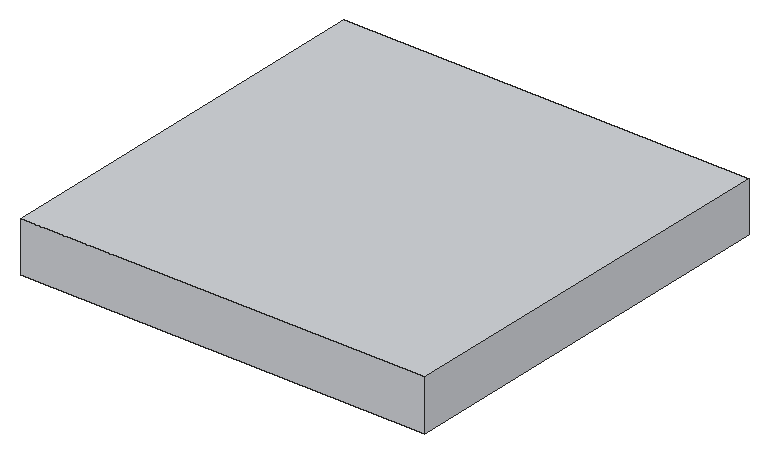
Revit family "00-5678-05-DC", category Luminarias, Revit 2017
Family settings
  Anfitrión = Cara
  Cota de conector redondo = Diámetro de uso
  Tipo de pieza = Normal
  Número OmniClass = 23.80.70.00
  Título OmniClass = Lighting
  Corte con vacíos al cargar = No
  Origen de luz = No
  Compartido = Sí
  Punto de cálculo de habitación = No
Parameters (values of type "00-5678-05-DC")
  Versión = "v1"
  Vatios (W) = 20
  Tipo de regulación = ""
  Tipo = "Colgante"
  Tender text (English) = "LEDS C4\nEclipse Conic\n00-5678-05-DCV1\n\nPendant for indoor use. \n\nFor downlighting. Structure material: Steel, cement. Structure finish: Black, Cement. Warranty: 5 Years.\n\nProduct net weight (Kg): 1.200\nProduct length (mm): Ø100\nProduct height (mm): Max 1825\n\nClass 2. IP: IP20. E27. Maximum length of luminaire bulb: 140. Maximum diameter of luminaire bulb: 60. No. of lampholders or LEDs: 1. Maximum power of light source: 20W. Gear included: No. Total power: 20."
  Tender text (Castellano) = "LEDS C4\nEclipse Conic\n00-5678-05-DCV1\n\nColgante de uso interior para iluminar hacia abajo. \nMaterial estructura: Acero, Cemento. Acabado estructura: Negro, Cemento. Garantía: 5 Años.\n\nPeso neto del producto (Kg): 1.200\nLongitud del producto (mm): Ø100\nAltura del producto (mm): Max 1825\n\nClase 2. IP: IP20. E27. Longitud máxima de la bombilla que admite la luminaria: 140. Diámetro máximo de la bombilla que admite la luminaria: 60. Nº de portalámparas o Leds: 1. Potencia máxima de la fuente de luz: 20W. Equipo incluido: No. Potencia total: 20."
  Temperatura color led (K) = ""
  Referencia = "00-5678-05-DC"
  Rayo de luz = ""
  Producto descatalogado = "Catalogado ES"
  Pluma comercial = "http://files.leds-c4.com/pl/00-5678-05-DCV1.html"
  Peso neto (KG) = 1.2
  Material = "Acero, Cemento"
  Lumenes reales (lm) = 0
  LDT = "http://files.leds-c4.com/ldt/00-5678-05-DCV1.html"
  Imagen web = "http://files.leds-c4.com/main-photo/00-5678-05-DCV1"
  IfcExportType = "NOTDEFINED"
  IfcExportAs = "IfcLightFixture\r\nIfcLightFixture"
  IP = "IP20"
  IMC = "http://files.leds-c4.com/imc/00-5678-05-DCV1.html"
  IK = ""
  Fuente de luz = ""
  Fotometría = "http://files.leds-c4.com/fm/00-5678-05-DCV1.html"
  Ficha = "http://files.leds-c4.com/ft/es/00-5678-05-DCV1.html"
  FechaVersion = "Julio 2020"
  Familia = "Eclipse Conic"
  Fabricante = "LEDS C4"
  Etiqueta V/f = "220-240V/50-60Hz"
  Elevación por defecto = 1000 mm
  Eficiencia energética = "NO BULB"
  EAN13 = "8435381456146"
  DescripcionUniformat2010 = "Lighting"
  DescripcionUniclass2015 = "Lighting"
  DescripcionOmniclass = "Lighting"
  DescripcionGubimclass = "Iluminación interior"
  CodigoUniformat2010 = "D5040"
  CodigoUniclass2015 = "EF_70_80"
  CodigoOmniclass = "21-04 50 40"
  CodigoGubimclass = "50.60.50.20"
  Catálogo = "Decorative"
  Carga aparente = 0 VA
  CRI = 0
  Acabado = "Negro, Cemento"
Values of the unnamed type that differ from the named types
  Vatios (W) = 0
  Tipo = ""
  Tender text (English) = ""
  Tender text (Castellano) = ""
  Referencia = ""
  Producto descatalogado = ""
  Pluma comercial = ""
  Peso neto (KG) = 0
  Material = ""
  LDT = ""
  Imagen web = ""
  IP = ""
  IMC = ""
  Fotometría = ""
  Ficha = ""
  Familia = ""
  Etiqueta V/f = ""
  Eficiencia energética = ""
  EAN13 = ""
  Catálogo = ""
  Acabado = ""
Reference planes
  plane 1 "Centro (Frontal/Posterior)": y = 0
  plane 2: z = 0
  plane 3 "Centro (Izquierda/Derecha)": x = 0
  plane 4 "Elevación de origen de luz": z = 0
  plane 5 "Eje de origen de luz (F/P)": y = 0
  plane 6 "Eje de origen de luz (I/D)": x = 0
Forms (mm)
  Extrusion 1, solid
    sketch origin (0, 0, 0) x (1, 0, 0) y (0, 1, 0)
      loop
        line (-1219.2, 1219.2) -> (-1219.2, -1219.2) -> (1219.2, -1219.2) -> (1219.2, 1219.2) -> (-1219.2, 1219.2)
    from 0 to -304.8
Dimensions and locks
  aligned and locked: plane 2 to Extrusion 1
  aligned and locked: level to Extrusion 1
Nested families
  nested 1: "Luz anidada" at (-0.003, 0.008, 537.392), type "Tipo1"
Connectors
  electrical at (0, 0, 0)
    settings: on Extrusion 1, index 1, voltage 0 V, apparent load 0 VA, apparent load phase1 0 VA, apparent load phase2 0 VA, apparent load phase3 0 VA, power factor 1, load classification "Otro", number of poles 1, system type 31, power factor state 1, is connector primary yes, connector utility no, sub classification motor no, connector description ""
Definition of nested family "Luz anidada"
  Parameters (values of type "Tipo1")
    Tilt Angle = 90.00°
    Wattage = 20 W
    Tipo de regulación = ""
    Tipo = ""
    Tender text = ""
    built-in parameter 1150110 = 1 (stored number, unit not read)
    Pluma comercial = ""
    Material = ""
    Imagen = ""
    IP = ""
    IMC = ""
    IK = ""
    Fotometría = ""
    Ficha = ""
    Familia = ""
    Estado en catálogo = ""
    Peso neto = ""
    built-in parameter 1150142 = "IESNA:LM-63-1995\r\n[TEST] CL116A17F026G\r\n[DATE] 2 Feb 2017\r\n[MANUFAC] LED´S C4\r\n[LUMCAT] 00-5678-05-DC\r\n[LUMINAIRE] Colgante ECLIPSE 20W CFL E27\r\n[FLASHAREA] 0.001278\r\n[LAMPCAT] 00-5678-05-DC\r\n[LAMP] Colgante ECLIPSE 20W CFL E27\r\n[OTHER] Absolute Photometry\r\nTILT=NONE\r\n1 -1 1.0 19 7 1 2 -0.082 0.000 0.000\r\n1.00 1.00 20.00\r\n0.00 5.00 10.00 15.00 20.00 25.00 30.00 35.00 40.00 45.00 \r\n50.00 55.00 60.00 65.00 70.00 75.00 80.00 85.00 90.00 \r\n0.00 15.00 30.00 45.00 60.00 75.00 90.00 \r\n52.05 61.00 73.58 86.64 94.30 94.93 91.16 84.51 75.50 \r\n64.63 53.91 42.99 33.27 23.30 15.63 8.06 3.92 1.79 0.42 \r\n52.05 59.10 71.67 84.74 93.01 93.52 89.60 83.01 73.88 \r\n63.70 52.39 42.35 32.12 23.42 14.96 8.34 3.76 1.79 0.40 \r\n52.05 58.14 71.20 84.09 92.55 92.85 88.14 81.07 71.96 \r\n61.86 51.36 41.44 32.11 23.43 15.48 8.43 3.79 1.85 0.42 \r\n52.05 59.69 72.51 86.06 93.98 94.88 90.56 83.86 74.35 \r\n64.10 53.12 42.69 33.00 24.07 15.90 8.75 4.17 1.91 0.41 \r\n52.05 56.62 68.77 81.58 89.48 90.54 86.72 80.31 72.36 \r\n62.31 52.05 42.29 32.77 24.23 16.19 8.90 4.37 1.83 0.42 \r\n52.05 59.97 72.90 86.59 94.90 96.11 91.83 85.06 75.80 \r\n65.59 54.57 43.88 34.21 25.28 16.83 9.60 4.84 2.15 0.43 \r\n52.05 57.35 69.66 82.71 91.05 91.33 87.04 80.35 72.09 \r\n62.42 52.56 42.34 33.41 24.43 16.95 9.20 4.74 1.88 0.42 \r\n"
    Lamp = ""
    built-in parameter 1114217 = 1 (stored number, unit not read)
    built-in parameter 1150109 = 1 (stored number, unit not read)
    Etiqueta vf = ""
    Eficiencia energética = ""
    EAN13 = ""
    built-in parameter 1150134 = (empty or 0)
    built-in parameter 1150113 = 1 (stored number, unit not read)
    Lumens = 2391 lm
    built-in parameter 1150115 = 1 (stored number, unit not read)
    built-in parameter 1150105 = 109.82 (stored number, unit not read)
    built-in parameter 1150137 = (empty or 0)
    built-in parameter 1150139 = (empty or 0)
    built-in parameter 1150112 = 1 (stored number, unit not read)
    built-in parameter 1150114 = 1 (stored number, unit not read)
    built-in parameter 1150132 = (empty or 0)
    built-in parameter 1150102 = (empty or 0)
    built-in parameter 1150138 = (empty or 0)
    built-in parameter 1150107 = 2700 (stored number, unit not read)
    built-in parameter 1150106 = 1.0982 (stored number, unit not read)
    built-in parameter 1150104 = 4.6452 (stored number, unit not read)
    Catálogo = ""
    Dimming Lamp Color Temperature Shift = (empty or 0)
    Color Filter = 16777215
    built-in parameter 1114218 = 1 (stored number, unit not read)
    CRI = 0
    Photometric Web File = "00-5678-05-DC.ies"
    Acabado = ""
    built-in parameter 1150133 = 10 (stored number, unit not read)
  Values of the unnamed type that differ from the named types
    Wattage = 28.5 W
    built-in parameter 1150104 = 5.1341 (stored number, unit not read)
  Reference planes
    plane 1 "Eje de origen de luz (F/P)": y = 0
    plane 2: z = 0
    plane 3 "Eje de origen de luz (I/D)": x = 0
    plane 4 "Elevación de origen de luz": z = 0
  Dimensions and locks
    aligned and locked: plane 3 "Eje de origen de luz (I/D)" to imposter light
    aligned and locked: plane 1 "Eje de origen de luz (F/P)" to imposter light
    aligned and locked: plane 4 "Elevación de origen de luz" to imposter light
    aligned and locked: level to plane 2
